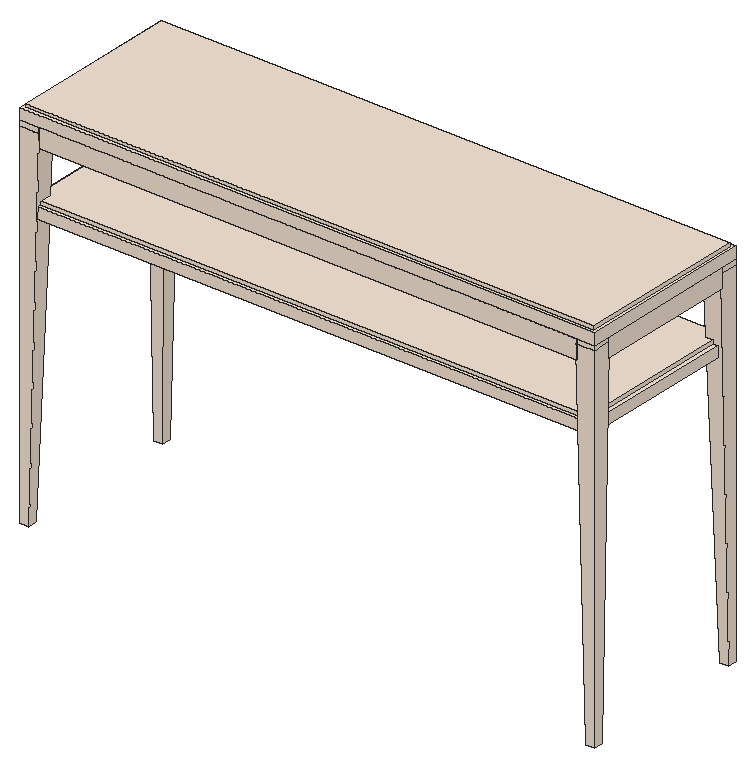
Revit family "FU_Table_Sandler_Toffee 4-0", category Furniture, Revit 2020
Family settings
  OmniClass Number = 23.40.20.00
  OmniClass Title = General Furniture and Specialties
  Work Plane-Based = No
  Always vertical = Yes
  Cut with Voids When Loaded = No
  Shared = No
  Room Calculation Point = No
Parameters (values of type "Toffee 4.0")
  Width = 1300 mm
  URL = "https://www.sandlerseating.com/product/toffee-4-0/"
  Model = "Toffee 4.0"
  Manufacturer = "Sandler"
  Height = 850 mm
  Frame = Wood - Beech - White Aniline
  Description = "Solid beech high table with shelf and detailing at the top of legs."
  Depth = 400 mm
  Default Elevation = 0 mm
Reference planes
  plane 1 "Center (Front/Back)": y = 0
  plane 2: z = 0
  plane 3 "Center (Left/Right)": x = 0
  plane 4 "Right": x = -650
  plane 5 "Left": x = 650
  plane 6 "Back": y = 200
  plane 7 "Front": y = -200
  plane 8 "Height": z = 850
  plane 9 "Shelf height": z = 662.093
  plane 10 "Legs Top": z = 805
Forms (mm)
  Blend 1, solid, material "Wood - Beech - White Aniline" <- "Frame"
    base sketch origin (0, 0, 0) x (1, 0, 0) y (0, 1, 0)
      loop
        line (-650, -200) -> (-630, -200) -> (-630, -180) -> (-650, -180) -> (-650, -200)
    top sketch origin (0, 0, 0) x (1, 0, 0) y (0, 1, 0)
      loop
        line (-650, -200) -> (-608, -200) -> (-608, -158) -> (-650, -158) -> (-650, -200)
    from 0 to 805
  Blend 2, solid, material "Wood - Beech - White Aniline" <- "Frame"
    base sketch origin (0, 0, 0) x (-1, 0, 0) y (0, -1, 0)
      loop
        line (-650, 200) -> (-650, 180) -> (-630, 180) -> (-630, 200) -> (-650, 200)
    top sketch origin (0, 0, 0) x (-1, 0, 0) y (0, -1, 0)
      loop
        line (-650, 200) -> (-650, 158) -> (-608, 158) -> (-608, 200) -> (-650, 200)
    from 0 to 805
  Blend 3, solid, material "Wood - Beech - White Aniline" <- "Frame"
    base sketch origin (0, 0, 0) x (1, 0, 0) y (0, 1, 0)
      loop
        line (-650, 200) -> (-650, 180) -> (-630, 180) -> (-630, 200) -> (-650, 200)
    top sketch origin (0, 0, 0) x (1, 0, 0) y (0, 1, 0)
      loop
        line (-650, 200) -> (-650, 158) -> (-608, 158) -> (-608, 200) -> (-650, 200)
    from 0 to 805
  Blend 4, solid, material "Wood - Beech - White Aniline" <- "Frame"
    base sketch origin (0, 0, 0) x (-1, 0, 0) y (0, -1, 0)
      loop
        line (-650, -200) -> (-630, -200) -> (-630, -180) -> (-650, -180) -> (-650, -200)
    top sketch origin (0, 0, 0) x (-1, 0, 0) y (0, -1, 0)
      loop
        line (-650, -200) -> (-608, -200) -> (-608, -158) -> (-650, -158) -> (-650, -200)
    from 0 to 805
  Extrusion 5, solid, material "Wood - Beech - White Aniline" <- "Frame"
    sketch origin (0, 0, 662.093) x (-1, 0, 0) y (0, -1, 0)
      loop
        line (639.941, 197.613) -> (-639.941, 197.613) -> (-639.941, -197.387) -> (639.941, -197.387) -> (639.941, 197.613)
      loop
        line (610.755, -160.744) -> (610.755, 161.585) -> (-611.585, 161.585) -> (-611.585, -160.744) -> (610.755, -160.744)
    from -33.021 to -7.798
  Extrusion 6, solid, material "Wood - Beech - White Aniline" <- "Frame"
    sketch origin (0, 0, 662.093) x (-1, 0, 0) y (0, -1, 0)
      loop
        line (650, 160) -> (629, 160) -> (629, -160) -> (650, -160) -> (650, 160)
      loop
        line (-650, 160) -> (-650, -160) -> (-629, -160) -> (-629, 160) -> (-650, 160)
      loop
        line (610, -200) -> (610, -179) -> (-610, -179) -> (-610, -200) -> (610, -200)
      loop
        line (610, 200) -> (-610, 200) -> (-610, 179) -> (610, 179) -> (610, 200)
    from 112.014 to 154.907
  Extrusion 7, solid, material "Wood - Beech - White Aniline" <- "Frame"
    sketch origin (0, 0, 805) x (0, -1, 0) y (1, 0, 0)
      loop
        line (-200, -650) -> (-158, -650) -> (-158, -608) -> (-200, -608) -> (-200, -650)
      loop
        line (-200, 650) -> (-200, 608) -> (-158, 608) -> (-158, 650) -> (-200, 650)
      loop
        line (200, -650) -> (200, -608) -> (158, -608) -> (158, -650) -> (200, -650)
      loop
        line (200, 650) -> (158, 650) -> (158, 608) -> (200, 608) -> (200, 650)
    from 0 to 12
  Extrusion 8, solid, material "Wood - Beech - White Aniline" <- "Frame"
    sketch origin (0, 0, 662.093) x (-1, 0, 0) y (0, -1, 0)
      loop
        line (629, -189.483) -> (629, 189.892) -> (-629, 189.892) -> (-629, -189.483) -> (629, -189.483)
    from 0 to -8
  Extrusion 9, solid, material "Wood - Beech - White Aniline" <- "Frame"
    sketch origin (0, 0, 850) x (-1, 0, 0) y (0, -1, 0)
      loop
        line (650, -200) -> (650, 200) -> (-650, 200) -> (-650, -200) -> (650, -200)
    from -33 to -7.548
  Extrusion 10, solid, material "Wood - Beech - White Aniline" <- "Frame"
    sketch origin (0, 0, 850) x (-1, 0, 0) y (0, -1, 0)
      loop
        line (642.164, -192.034) -> (642.164, 192.107) -> (-642.091, 192.107) -> (-642.091, -192.034) -> (642.164, -192.034)
    from 0 to -8
Cuts and joins
  joined: Blend 1, Blend 2, Extrusion 5, Extrusion 9, Extrusion 10
  joined: Blend 3, Blend 4
Dimensions and locks
  equal spacing: plane 4 "Right", plane 3 "Center (Left/Right)", plane 5 "Left"
  "Width": plane 4 "Right" to plane 5 "Left"
  equal spacing: plane 6 "Back", plane 1 "Center (Front/Back)", plane 7 "Front"
  "Depth": plane 6 "Back" to plane 7 "Front"
  "Height": plane 8 "Height" to level
  plane 9 "Shelf height" to level = 662.093 mm
  aligned and locked: level to plane 2
  aligned and locked: Blend 1 to plane 10 "Legs Top"
Automatic sketch dimensions
  Blend 1 sketch curve to plane 4 "Right" = 0 mm  (x2)
  Blend 1 sketch curve to plane 7 "Front" = 0 mm  (x2)
  Blend 1 sketch curve to plane 4 "Right" = 20 mm
  Blend 1 sketch curve to Blend 1 sketch curve = 20 mm
  Blend 1 sketch curve to plane 4 "Right" = 42 mm
  Blend 1 sketch curve to Blend 1 sketch curve = 42 mm
  Blend 2 sketch curve to plane 5 "Left" = 0 mm  (x2)
  Blend 2 sketch curve to plane 7 "Front" = 0 mm  (x2)
  Blend 2 sketch curve to plane 5 "Left" = 20 mm
  Blend 2 sketch curve to Blend 2 sketch curve = 20 mm
  Blend 2 sketch curve to plane 5 "Left" = 42 mm
  Blend 2 sketch curve to Blend 2 sketch curve = 42 mm
  Blend 3 sketch curve to plane 4 "Right" = 0 mm  (x2)
  Blend 3 sketch curve to plane 6 "Back" = 0 mm  (x2)
  plane 4 "Right" to Blend 3 sketch curve = 20 mm
  Blend 3 sketch curve to Blend 3 sketch curve = 20 mm
  plane 4 "Right" to Blend 3 sketch curve = 42 mm
  Blend 3 sketch curve to Blend 3 sketch curve = 42 mm
  Blend 4 sketch curve to plane 5 "Left" = 0 mm  (x2)
  Blend 4 sketch curve to plane 6 "Back" = 0 mm  (x2)
  Blend 4 sketch curve to Blend 4 sketch curve = 20 mm
  Blend 4 sketch curve to plane 6 "Back" = 20 mm
  Blend 4 sketch curve to Blend 4 sketch curve = 42 mm
  Blend 4 sketch curve to plane 6 "Back" = 42 mm
  plane 7 "Front" to Extrusion 5 sketch curve = 2.387 mm
  plane 5 "Left" to Extrusion 5 sketch curve = 10.059 mm
  plane 5 "Left" to Extrusion 5 sketch curve = 38.415 mm
  Extrusion 5 sketch curve to plane 4 "Right" = 39.245 mm
  Extrusion 5 sketch curve to plane 4 "Right" = 10.059 mm
  plane 7 "Front" to Extrusion 5 sketch curve = 38.415 mm
  Extrusion 5 sketch curve to plane 6 "Back" = 39.256 mm
  Extrusion 5 sketch curve to plane 6 "Back" = 2.613 mm
  Extrusion 6 sketch curve to plane 5 "Left" = 0 mm
  Extrusion 6 sketch curve to plane 6 "Back" = 0 mm
  Extrusion 6 sketch curve to plane 7 "Front" = 0 mm
  Extrusion 6 sketch curve to plane 4 "Right" = 0 mm
  plane 5 "Left" to Extrusion 6 sketch curve = 21 mm
  Extrusion 6 sketch curve to Extrusion 6 sketch curve = 19 mm  (x4)
  Extrusion 6 sketch curve to plane 4 "Right" = 40 mm  (x2)
  Extrusion 6 sketch curve to plane 4 "Right" = 21 mm
  Extrusion 6 sketch curve to Extrusion 6 sketch curve = 21 mm  (x2)
  plane 7 "Front" to Extrusion 6 sketch curve = 40 mm  (x2)
  Extrusion 7 sketch curve to plane 4 "Right" = 0 mm  (x2)
  Extrusion 7 sketch curve to plane 6 "Back" = 0 mm  (x2)
  Extrusion 7 sketch curve to plane 5 "Left" = 0 mm  (x2)
  Extrusion 7 sketch curve to plane 7 "Front" = 0 mm  (x2)
  Extrusion 7 sketch curve to Extrusion 7 sketch curve = 42 mm  (x4)
  Extrusion 7 sketch curve to plane 6 "Back" = 42 mm
  Extrusion 7 sketch curve to plane 4 "Right" = 42 mm  (x2)
  plane 5 "Left" to Extrusion 7 sketch curve = 42 mm
  plane 5 "Left" to Extrusion 8 sketch curve = 21 mm
  plane 7 "Front" to Extrusion 8 sketch curve = 10.108 mm
  Extrusion 8 sketch curve to plane 4 "Right" = 21 mm
  Extrusion 8 sketch curve to plane 6 "Back" = 10.517 mm
  Extrusion 9 sketch curve to plane 5 "Left" = 0 mm
  Extrusion 9 sketch curve to plane 4 "Right" = 0 mm
  Extrusion 9 sketch curve to plane 6 "Back" = 0 mm
  Extrusion 9 sketch curve to plane 7 "Front" = 0 mm
  plane 5 "Left" to Extrusion 10 sketch curve = 7.909 mm
  Extrusion 10 sketch curve to plane 4 "Right" = 7.836 mm
  Extrusion 10 sketch curve to plane 6 "Back" = 7.966 mm
  plane 7 "Front" to Extrusion 10 sketch curve = 7.893 mm
